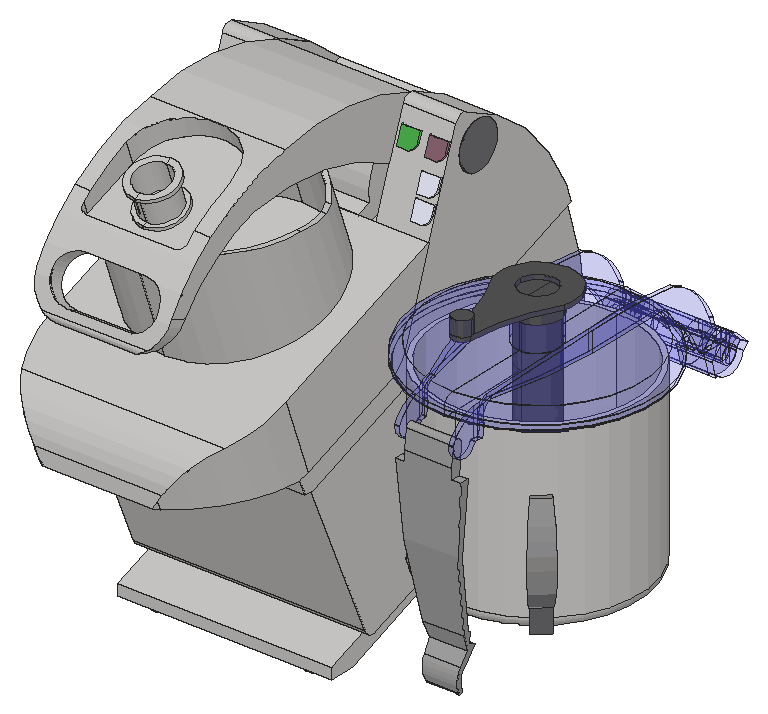
Revit family "QF_ELECTROLUXPROFESSIONAL_600483_TRK45YG", category Specialty Equipment, Revit 2018
Family settings
  Round Connector Dimension = Use Diameter
  Part Type = Normal
  Work Plane-Based = No
  Always vertical = Yes
  Cut with Voids When Loaded = No
  Shared = No
  Room Calculation Point = No
Parameters (values of type "QF_ELECTROLUX_600483_TRK45YG")
  Weight = 27.40 kg
  Watts = 0 W
  Volts = 200 V
  URL Manufacturer = "http://professional.electrolux.com"
  URL = "http://professional.electrolux.com"
  Steam Supply Size = 0 mm
  Steam Supply Minimum Pressure = 0.0 Pa
  Steam Supply Maximum Pressure = 0.0 Pa
  Steam Pounds per Hour = 0
  Refrigeration Suction Line Size = 0 mm
  Refrigeration Liquid Line Size = 0 mm
  Refrigerant Compressor Remote = yes
  Manufacturer = "Electrolux"
  Phase = 1
  Model = "TRK45YG"
  Length Actual = 252 mm  # constant formula
  Item Number = "600483"
  Hot Water Size = 0 mm
  Height Actual = 505 mm  # constant formula
  HP = "1.3 HP"
  Gas Size = 0 mm
  Gas KW = 0
  Gas Input Pressure = 0 W
  Direct Waste Size = 0 mm
  Description = "CUTTER/SLICER 4.5L VARIAB.SPEED-1000W-200-240/1/50-60-UK"
  Depth Actual = 485 mm  # constant formula
  Cycle = 60 Hz
  Condensate Return Size = 0 mm
  Compressed Air Volume = 0.0 L/s
  Compressed Air Size = 0 mm
  Compressed Air Pressure = 0.0 Pa
  Cold Water Size = 0 mm
  Accessory = yes
Reference planes
  plane 1 "Center (Front/Back)": y = 0
  plane 2: z = 0
  plane 3 "Center (Left/Right)": x = 0
  plane 4 "BASE": through (-1506.947, -1354.442, -482.669) normal (0, -0.342, 0.9397)
  plane 5 "TOP": z = 725
  plane 6 "FRONT": y = -250
  plane 7 "BACK": y = 250
  plane 8 "LEFT": x = -126
  plane 9 "RIGHT": x = 126
  plane 10 "BaseSup": through (4267.2, -355.454, 143.983) normal (0, -0.342, 0.9397)
  plane 11 "TopCylinder": z = 505
  plane 12 "panel": through (4267.2, 37.396, 376.789) normal (0, -0.9397, 0.342)
  plane 13 "TAN1": through (4267.2, -242.8, 386.84) normal (0, -0.868, 0.4965)
  plane 14 "cx": x = -4.392
  plane 15: z = 490
  plane 16: z = 685
  plane 17 "EI_1": z = 320
  plane 18: z = 224
  plane 19 "SupportOblique": through (4267.2, 163.975, 96.815) normal (0, 0.809, 0.5878)
  plane 20 "CX2": x = 350
Forms (mm)
  Extrusion 1, solid, material "QF_Finishes_Stainless Steel"
    sketch origin (0, 71.755, 29.173) x (0, 0.939693, 0.34202) y (0, -0.34202, 0.939693)
      loop
        line (196.964, 40) -> (-146.726, 40) -> (-150.519, 29.578) -> (-124.204, 20) -> (196.964, 20) -> (196.964, 40)
    from -114.1 to 114.1
  Extrusion 2, solid, material "QF_Finishes_Stainless Steel"
    sketch origin (0, 71.755, 29.173) x (0, 0.939693, 0.34202) y (0, -0.34202, 0.939693)
      loop
        arc (-117.754, 231.836) -> (-115.679, 141.222) -> (-107.501, 50.953) r 1344.145
        arc (-107.501, 50.953) -> (-103.371, 43.13) -> (-95.098, 40) r 12.5
        line (-95.098, 40) -> (191.415, 40)
        arc (191.415, 40) -> (200.799, 44.052) -> (207.001, 52.177) r 20.212
        arc (207.001, 52.177) -> (236.663, 139.796) -> (245.906, 231.836) r 409.593
        line (245.906, 231.836) -> (-117.754, 231.836)
    from -123.6 to 123.2
  Extrusion 3, solid, material "QF_Finishes_Stainless Steel"
    sketch origin (0, 71.755, 29.173) x (0, 0.939693, 0.34202) y (0, -0.34202, 0.939693)
      loop
        line (-117.754, 231.836) -> (250, 231.836) -> (250, 254)
        arc (250, 254) -> (225.127, 344.7) -> (167.861, 419.303) r 244.524
        arc (167.861, 419.303) -> (160.498, 421.774) -> (153.587, 418.23) r 10
        line (153.587, 418.23) -> (25.432, 265.5)
        arc (25.432, 265.5) -> (14.376, 257.016) -> (0.77, 254) r 32.194
        line (0.77, 254) -> (-128.224, 254) -> (-128.224, 236.946) -> (-117.754, 231.836)
    from -125 to 125
  Extrusion 4, void
    sketch origin (0, 71.755, 29.173) x (0, 0.939693, 0.34202) y (0, -0.34202, 0.939693)
      loop
        line (146.605, 338.403) -> (228.145, 338.403)
        arc (228.145, 338.403) -> (202.221, 381.996) -> (167.861, 419.303) r 244.524
        arc (167.861, 419.303) -> (160.498, 421.774) -> (153.587, 418.23) r 10
        line (153.587, 418.23) -> (72.34, 321.403) -> (146.605, 321.403) -> (146.605, 338.403)
    from -76.755 to 68.071
  Extrusion 5, solid, material "QF_Finishes_Stainless Steel"
    sketch origin (0, 71.755, 29.173) x (0, 0.939693, 0.34202) y (0, -0.34202, 0.939693)
      loop
        line (86.605, 338.403) -> (69.605, 321.403) -> (146.605, 321.403) -> (146.605, 338.403) -> (138.179, 338.403) -> (138.179, 369.367)
        arc (138.179, 369.367) -> (147.784, 373.474) -> (158.149, 372.174) r 19.987
        arc (158.149, 372.174) -> (156.791, 382.001) -> (162.888, 389.826) r 12.748
        arc (162.888, 389.826) -> (123.302, 374.774) -> (101.605, 338.403) r 64.447
        line (101.605, 338.403) -> (86.605, 338.403)
    from -65 to 50
  Extrusion 6, solid, material "QF_Finishes_Stainless Steel"
    sketch origin (539, 71.755, 29.173) x (0, -0.939693, -0.34202) y (0, -0.34202, 0.939693)
      loop
        circle (-169.102, 378.696) r 12.748
    from 489 to 604
  Extrusion 7, solid, material "QF_Finishes_Rubber Black"
    sketch origin (0, 71.755, 29.173) x (0, 0.939693, 0.34202) y (0, -0.34202, 0.939693)
      loop
        circle (169.102, 378.696) r 25
    from 125 to 126.6
  Extrusion 8, solid, material "QF_Finishes_Green"
    sketch origin (-10, -113.728, -38.42) x (0, -0.34202, -0.939693) y (1, 0, 0)
      loop
        line (-529.862, 82.865) -> (-509.862, 82.865) -> (-509.862, 92.865)
        arc (-509.862, 92.865) -> (-512.791, 99.936) -> (-519.862, 102.865) r 10
        line (-519.862, 102.865) -> (-529.862, 102.865) -> (-529.862, 82.865)
    from 0 to 1.6
  Extrusion 9, solid, material "QF_Finishes_Red"
    sketch origin (20, -113.728, -38.42) x (0, -0.34202, -0.939693) y (1, 0, 0)
      loop
        line (-529.862, 82.865) -> (-509.862, 82.865) -> (-509.862, 92.865)
        arc (-509.862, 92.865) -> (-512.791, 99.936) -> (-519.862, 102.865) r 10
        line (-519.862, 102.865) -> (-529.862, 102.865) -> (-529.862, 82.865)
    from 0 to 1.6
  Extrusion 10, solid, material "QF_Finishes_Rubber Black"
    sketch origin (-20, -293.925, 99.376) x (0, -1, 0) y (1, 0, 0)
      loop
        circle (-230.144, 103.748) r 10
      loop
        circle (-230.144, -61.252) r 10
    from 9.274 to 3.787
  Extrusion 11, void
    sketch origin (-20.94, 306.731, 139.428) x (-1, 0, 0) y (0, -0.34202, 0.939693)
      loop
        circle (-20.94, 196.093) r 10
    from -1.916 to -26.433
  Extrusion 12, solid, material "QF_Finishes_Stainless Steel"
    sketch origin (-20.94, 306.678, 139.573) x (-1, 0, 0) y (0, -0.34202, 0.939693)
      loop
        circle (-20.94, 195.939) r 9.999
    from -8.514 to -26.433
  Extrusion 13, solid, material "QF_Finishes_Stainless Steel"
    sketch origin (0, -15.119, 267.855) x (0, -0.939693, -0.34202) y (1, 0, 0)
      loop
        line (-86.605, -125) -> (117.754, -125)
        arc (117.754, -125) -> (182.577, -108.838) -> (232.224, -64.135) r 138.076
        arc (232.224, -64.135) -> (246.337, -33.516) -> (250, 0) r 104.824
        arc (250, 0) -> (246.337, 33.516) -> (232.224, 64.135) r 104.824
        arc (232.224, 64.135) -> (182.577, 108.838) -> (117.754, 125) r 138.076
        line (117.754, 125) -> (-86.605, 125) -> (-86.605, -125)
    from 0 to 84.403
  Extrusion 14, void
    sketch origin (0, 71.755, 29.173) x (0, 0.939693, 0.34202) y (0, -0.34202, 0.939693)
      loop
        line (-183.149, 338.403) -> (-263.395, 338.403) -> (-263.395, 254) -> (-128.224, 254) -> (-235.716, 293.124) -> (-229.509, 307.133)
        arc (-229.509, 307.133) -> (-211.109, 329.855) -> (-183.149, 338.403) r 50
      loop
        line (86.605, 338.403) -> (25.432, 265.5)
        arc (25.432, 265.5) -> (14.376, 257.016) -> (0.77, 254) r 32.194
        line (0.77, 254) -> (86.605, 254) -> (86.605, 338.403)
    from -156.555 to 144.79
  Extrusion 15, solid, material "QF_Finishes_Rubber Black"
    sketch origin (-20, -255.757, 37.007) x (0, -0.939693, -0.34202) y (1, 0, 0)
      loop
        circle (-230.144, 103.748) r 10
      loop
        circle (-230.144, -61.252) r 10
    from -1.968 to 3.787
  Extrusion 16, solid, material "QF_Finishes_Stainless Steel"
    sketch origin (0, 0, 0) x (0, 1, 0) y (0, 0, 1)
      loop
        arc (-237.987, 360.286) -> (-193.334, 422.101) -> (-125.907, 457.716) r 167.502
        arc (-125.907, 457.716) -> (-32.614, 457.202) -> (54.785, 424.565) r 266.494
        line (54.785, 424.565) -> (73.036, 474.711)
        arc (73.036, 474.711) -> (77.269, 479.853) -> (83.792, 481.198) r 10
        arc (83.792, 481.198) -> (1.801, 503.572) -> (-83.051, 498.734) r 263.981
        arc (-83.051, 498.734) -> (-135.605, 484.534) -> (-183.511, 458.675) r 236.13
        arc (-183.511, 458.675) -> (-222.818, 420.732) -> (-248.457, 372.49) r 174.407
        arc (-248.457, 372.49) -> (-249.83, 368.135) -> (-247.05, 364.513) r 4.945
        line (-247.05, 364.513) -> (-237.987, 360.286)
    from -76.755 to 68.071
  Extrusion 17, void
    sketch origin (0, -252.846, 369.279) x (0, -0.496521, -0.868025) y (1, 0, 0)
      loop
        line (-13.723, -36.755) -> (-13.723, 28.071)
        arc (-13.723, 28.071) -> (-38.723, 53.071) -> (-63.723, 28.071) r 25
        line (-63.723, 28.071) -> (-63.723, -36.755)
        arc (-63.723, -36.755) -> (-38.723, -61.755) -> (-13.723, -36.755) r 25
    from -148.493 to 7.125
  Extrusion 18, void
    sketch origin (0, -88.076, 32.057) x (0, -0.34202, -0.939693) y (1, 0, 0)
      loop
        line (-257.162, 68.071) -> (-297.162, 68.071)
        arc (-297.162, 68.071) -> (-268.878, 56.356) -> (-257.162, 28.071) r 40
        line (-257.162, 28.071) -> (-257.162, 68.071)
      loop
        line (-257.162, -76.755) -> (-257.162, -36.755)
        arc (-257.162, -36.755) -> (-268.878, -65.039) -> (-297.162, -76.755) r 40
        line (-297.162, -76.755) -> (-257.162, -76.755)
    from 233.374 to 280.473
  Extrusion 19, void
    sketch origin (0, -73.76, 246.511) x (0, -0.939693, -0.34202) y (1, 0, 0)
      loop
        spline (50.415, 43.499) -> (50.302, 44.538) -> (50.07, 45.551) -> (49.722, 46.523) -> (49.265, 47.436) -> (48.705, 48.278) -> (48.053, 49.034) -> (47.317, 49.692) -> (46.511, 50.241) -> (45.647, 50.674) -> (44.738, 50.981) -> (43.801, 51.16) -> (42.848, 51.221)
        line (42.848, 51.221) -> (-21.826, 51.221)
        arc (-21.826, 51.221) -> (-77.476, -4.429) -> (-21.826, -60.078) r 55.65
        line (-21.826, -60.078) -> (42.849, -60.064)
        spline (42.849, -60.064) -> (43.796, -60.017) -> (44.73, -59.836) -> (45.637, -59.525) -> (46.5, -59.088) -> (47.306, -58.532) -> (48.042, -57.867) -> (48.695, -57.103) -> (49.256, -56.253) -> (49.715, -55.331) -> (50.065, -54.351) -> (50.3, -53.329) -> (50.415, -52.283)
        line (50.415, -52.283) -> (50.415, 43.499)
    from 219.928 to 259.975
  Extrusion 20, void
    sketch origin (0, -87.856, 241.381) x (0, -0.939693, -0.34202) y (1, 0, 0)
      loop
        circle (-4.976, -4.429) r 22.5
    from 184.171 to 259.975
  Extrusion 21, solid, material "QF_Finishes_Stainless Steel"
    sketch origin (0, -57.13, 252.564) x (0, -0.939693, -0.34202) y (1, 0, 0)
      loop
        circle (-27.476, -4.429) r 100
      loop
        circle (-27.476, -4.429) r 95
    from 84.403 to 219.928
  Extrusion 22, void
    sketch origin (539, 0, 0) x (0, -1, 0) y (0, 0, 1)
      loop
        line (-7.229, 448.453) -> (38.883, 431.669) -> (53.883, 431.669) -> (97.232, 435.738) -> (172.232, 435.738) -> (200.5, 434.424) -> (12.562, 502.828) -> (-7.229, 448.453)
    from 424.9 to 664
  Revolve 23, solid, material "QF_Finishes_Stainless Steel"
    sketch origin (-4.392, 0, 0) x (0, 1, 0) y (0, 0, 1)
      loop
        line (-159.523, 452.833) -> (-177.266, 446.376) -> (-188.766, 477.973) -> (-195.199, 475.631) -> (-193.959, 472.225) -> (-189.261, 473.935) -> (-179, 445.744) -> (-183.698, 444.034) -> (-182.575, 440.948) -> (-179.543, 442.052) -> (-133.191, 314.7) -> (-112.048, 322.396) -> (-159.523, 452.833)
      axis (-112.048, 322.396) -> (-171.023, 484.431)
    angle from 0 to 360
  Extrusion 24, solid, material "QF_Door-Drawer Clearances", detail levels coarse
    sketch origin (0, -262.072, 735.095) x (0, -0.581279, -0.813704) y (0, 0.813704, -0.581279)
      loop
        arc (-237.987, 360.286) -> (-193.334, 422.101) -> (-125.907, 457.716) r 167.502
        arc (-125.907, 457.716) -> (-61.925, 460.915) -> (0.971, 448.753) r 266.494
        arc (0.971, 448.753) -> (-2.208, 475.472) -> (-2.432, 502.379) r 244.524
        arc (-2.432, 502.379) -> (-31.549, 503.211) -> (-60.594, 500.999) r 278.64
        arc (-60.594, 500.999) -> (-125.023, 488.463) -> (-183.511, 458.675) r 236.13
        arc (-183.511, 458.675) -> (-222.818, 420.732) -> (-248.457, 372.49) r 174.407
        arc (-248.457, 372.49) -> (-249.83, 368.135) -> (-247.05, 364.513) r 4.945
        line (-247.05, 364.513) -> (-237.987, 360.286)
    from -76.755 to 68.071
  Extrusion 25, solid, material "QF_Door-Drawer Clearances", detail levels coarse
    sketch origin (-4.392, 0, -55) x (0, 1, 0) y (0, 0, 1)
      loop
        arc (180.062, 780.324) -> (-149.234, 694.151) -> (-249.905, 368.994) r 350.321
        line (-249.905, 368.994) -> (-246.546, 377.767)
        arc (-246.546, 377.767) -> (-144.345, 691.9) -> (174.993, 776.44) r 345.321
        line (174.993, 776.44) -> (180.062, 780.324)
    from -60 to 60
  Extrusion 26, solid, material "QF_Finishes_Rubber Black"
    sketch origin (-20, -20.834, 122.512) x (0, -0.939693, -0.34202) y (1, 0, 0)
      loop
        circle (-230.144, 103.748) r 10
      loop
        circle (-230.144, -61.252) r 10
    from -1.968 to 3.787
  Extrusion 27, void
    sketch origin (-4.392, 0, 0) x (0, 1, 0) y (0, 0, 1)
      loop
        circle (163.975, 96.815) r 5.399
    from -121.608 to 130.392
  Sweep 28, solid, material "QF_Finishes_Stainless Steel"
    path origin (0, 153.361, 111.423) x (0, -0.587785, 0.809017) y (1, 0, 0)
      loop
        line (-133.401, 56) -> (-133.401, 112.5)
        arc (-133.401, 112.5) -> (-130.472, 119.571) -> (-123.401, 122.5) r 10
        line (-123.401, 122.5) -> (-28.058, 122.5)
        arc (-28.058, 122.5) -> (-20.987, 119.571) -> (-18.058, 112.5) r 10
        line (-18.058, 112.5) -> (-18.058, -112.5)
        arc (-18.058, -112.5) -> (-20.987, -119.571) -> (-28.058, -122.5) r 10
        line (-28.058, -122.5) -> (-123.401, -122.5)
        arc (-123.401, -122.5) -> (-130.472, -119.571) -> (-133.401, -112.5) r 10
        line (-133.401, -112.5) -> (-133.401, -56)
    profile origin (84.25, 231.772, 3.5) x (0, 0.587785, -0.809017) y (0, 0.809017, 0.587785)
      loop
        circle (0, 0) r 3.5
  Extrusion 29, void
    sketch origin (-4.392, 0, 0) x (0, 1, 0) y (0, 0, 1)
      loop
        line (50.281, 42.641) -> (71.708, 50.44) -> (64.376, 57.771) -> (50.281, 52.641) -> (50.281, 42.641)
    from -119.208 to -51.608
  Extrusion 30, void
    sketch origin (4.392, 0, 0) x (0, 1, 0) y (0, 0, -1)
      loop
        line (50.281, -42.641) -> (50.281, -52.641) -> (64.376, -57.771) -> (71.708, -50.44) -> (50.281, -42.641)
    from -119.208 to -51.608
  Extrusion 31, solid, material "QF_Door-Drawer Clearances", detail levels coarse
    sketch origin (350, -160.4, -17.118) x (0, -0.34202, -0.939693) y (0, -0.939693, 0.34202)
      loop
        line (-206.754, 118.191) -> (-331.133, -223.538)
        arc (-331.133, -223.538) -> (-241.482, -246.331) -> (-149.003, -248.426) r 409.593
        arc (-149.003, -248.426) -> (-139.246, -245.378) -> (-132.229, -237.945) r 20.212
        line (-132.229, -237.945) -> (-34.236, 31.289)
        arc (-34.236, 31.289) -> (-34.347, 40.134) -> (-40.286, 46.691) r 12.5
        arc (-40.286, 46.691) -> (-122.314, 85.249) -> (-206.754, 118.191) r 1344.145
    from -123.6 to 123.2
  Extrusion 32, solid, material "QF_Door-Drawer Clearances", detail levels coarse
    sketch origin (350, -160.4, -17.118) x (0, -0.34202, -0.939693) y (0, -0.939693, 0.34202)
      loop
        line (-134.127, -243.16) -> (-115.333, -250) -> (-5.487, 51.799) -> (-5.487, 79.803) -> (-16.578, 79.803) -> (-134.127, -243.16)
    from -114.1 to 114.1
  Extrusion 33, solid, material "QF_Door-Drawer Clearances", detail levels coarse
    sketch origin (330, -388.076, 105.131) x (0, -1, 0) y (1, 0, 0)
      loop
        circle (-230.144, 103.748) r 10
      loop
        circle (-230.144, -61.252) r 10
    from -1.968 to 3.787
  Extrusion 34, solid, material "QF_Door-Drawer Clearances", detail levels coarse
    sketch origin (330, -138.076, 105.131) x (0, -1, 0) y (1, 0, 0)
      loop
        circle (-230.144, 103.748) r 10
      loop
        circle (-230.144, -61.252) r 10
    from -1.968 to 3.787
  Extrusion 35, solid, material "QF_Door-Drawer Clearances", detail levels coarse
    sketch origin (0, 250, 0) x (-1, 0, 0) y (0, 0, 1)
      loop
        circle (-350, 200) r 10
    from -89.12 to -78.665
  Extrusion 36, solid, material "QF_Finishes_White"
    sketch origin (20, -124.661, -68.457) x (0, -0.34202, -0.939693) y (1, 0, 0)
      loop
        line (-529.862, 82.865) -> (-509.862, 82.865) -> (-509.862, 92.865)
        arc (-509.862, 92.865) -> (-512.791, 99.936) -> (-519.862, 102.865) r 10
        line (-519.862, 102.865) -> (-529.862, 102.865) -> (-529.862, 82.865)
    from 0 to 1.6
  Extrusion 37, solid, material "QF_Finishes_White"
    sketch origin (20, -132.869, -91.01) x (0, -0.34202, -0.939693) y (1, 0, 0)
      loop
        line (-529.862, 82.865) -> (-509.862, 82.865) -> (-509.862, 92.865)
        arc (-509.862, 92.865) -> (-512.791, 99.936) -> (-519.862, 102.865) r 10
        line (-519.862, 102.865) -> (-529.862, 102.865) -> (-529.862, 82.865)
    from 0 to 1.6
Cuts and joins
  Extrusion 4, Extrusion 18, Extrusion 19, Extrusion 20 cuts Extrusion 3
  Extrusion 14, Extrusion 18, Extrusion 19, Extrusion 20 cuts Extrusion 13
  Extrusion 17, Extrusion 18, Extrusion 19, Extrusion 20 cuts Extrusion 16
  Extrusion 11, Extrusion 19, Extrusion 20 cuts Extrusion 2
  Extrusion 22 cuts Extrusion 21
  Extrusion 27, Extrusion 29, Extrusion 30 cuts Extrusion 1
Lines and regions (mm)
  Split face 1
    outline origin (125, 73.036, 474.711) x (-1, 0, 0) y (0, -0.34202, -0.939693)
      loop
        arc (0, 8) -> (1.464, 4.464) -> (5, 3) r 5
        line (5, 3) -> (51.929, 3)
        arc (51.929, 3) -> (55.464, 4.464) -> (56.929, 8) r 5
        line (56.929, 8) -> (56.929, 96.206)
        arc (56.929, 96.206) -> (55.464, 99.742) -> (51.929, 101.206) r 5
        line (51.929, 101.206) -> (5, 101.206)
        arc (5, 101.206) -> (1.464, 99.742) -> (0, 96.206) r 5
        line (0, 96.206) -> (0, 8)
  symbolic lines
    curve 1: line (-76.755, 170.4, 0) -> (-76.755, -235.217, 0)
    curve 2: line (68.071, -235.135, 0) -> (68.071, 170.4, 0)
    curve 3: line (-76.755, 83.792, 0) -> (68.071, 83.792, 0)
    curve 4: line (-76.755, 170.4, 0) -> (68.071, 170.4, 0)
    curve 5: line (68.071, -83.051, 0) -> (-76.755, -83.051, 0)
    curve 6: line (-60.078, -136.967, 0) -> (51.221, -136.967, 0)
    curve 7: line (-60.078, -128.47, 0) -> (-60.078, -194.06, 0)
    curve 8: line (51.221, -193.76, 0) -> (51.221, -128.47, 0)
    curve 9: spline (-52.282, -199.891, 0) -> (-53.276, -199.815, 0) -> (-54.25, -199.647, 0) -> (-55.19, -199.39, 0) -> (-56.081, -199.046, 0) -> (-56.909, -198.622, 0) -> (-57.663, -198.124, 0) -> (-58.331, -197.559, 0) -> (-58.902, -196.936, 0) -> (-59.369, -196.264, 0) -> (-59.724, -195.553, 0) -> (-59.961, -194.815, 0) -> (-60.078, -194.06, 0)
    curve 10: line (43.499, -199.901, 0) -> (-52.283, -199.901, 0)
    curve 11: spline (51.218, -193.76, 0) -> (51.156, -194.554, 0) -> (50.964, -195.333, 0) -> (50.645, -196.085, 0) -> (50.204, -196.798, 0) -> (49.648, -197.459, 0) -> (48.986, -198.058, 0) -> (48.229, -198.586, 0) -> (47.39, -199.033, 0) -> (46.483, -199.392, 0) -> (45.521, -199.658, 0) -> (44.521, -199.826, 0) -> (43.499, -199.893, 0)
    curve 12: spline (-4.392, -146.848, 0) -> (-11.05, -147.672, 0) -> (-17.255, -150.087, 0) -> (-22.583, -153.929, 0) -> (-26.672, -158.936, 0) -> (-29.242, -164.766, 0) -> (-30.119, -171.023, 0) -> (-29.242, -177.28, 0) -> (-26.672, -183.111, 0) -> (-22.583, -188.118, 0) -> (-17.255, -191.96, 0) -> (-11.05, -194.375, 0) -> (-4.392, -195.199, 0)
    curve 13: spline (-4.392, -195.199, 0) -> (2.267, -194.375, 0) -> (8.472, -191.96, 0) -> (13.8, -188.118, 0) -> (17.888, -183.111, 0) -> (20.459, -177.28, 0) -> (21.335, -171.023, 0) -> (20.459, -164.766, 0) -> (17.888, -158.936, 0) -> (13.8, -153.929, 0) -> (8.472, -150.087, 0) -> (2.267, -147.672, 0) -> (-4.392, -146.848, 0)
    curve 14: spline (-4.392, -188.766, 0) -> (-9.279, -188.162, 0) -> (-13.832, -186.389, 0) -> (-17.743, -183.569, 0) -> (-20.744, -179.895, 0) -> (-22.63, -175.616, 0) -> (-23.273, -171.023, 0) -> (-22.63, -166.431, 0) -> (-20.744, -162.152, 0) -> (-17.743, -158.477, 0) -> (-13.832, -155.658, 0) -> (-9.279, -153.885, 0) -> (-4.392, -153.281, 0)
    curve 15: spline (-4.392, -153.281, 0) -> (0.495, -153.885, 0) -> (5.049, -155.658, 0) -> (8.96, -158.477, 0) -> (11.96, -162.152, 0) -> (13.846, -166.431, 0) -> (14.49, -171.023, 0) -> (13.846, -175.616, 0) -> (11.96, -179.895, 0) -> (8.96, -183.569, 0) -> (5.049, -186.389, 0) -> (0.495, -188.162, 0) -> (-4.392, -188.766, 0)
    curve 16: spline (-22.254, -165.273, 0) -> (-20.617, -168.597, 0) -> (-18.289, -171.534, 0) -> (-15.368, -173.96, 0) -> (-11.98, -175.77, 0) -> (-8.268, -176.888, 0) -> (-4.392, -177.266, 0) -> (-0.515, -176.888, 0) -> (3.197, -175.77, 0) -> (6.585, -173.96, 0) -> (9.505, -171.534, 0) -> (11.834, -168.597, 0) -> (13.471, -165.273, 0)
    curve 17: spline (21.106, -162.743, 0) -> (21.02, -155.749, 0) -> (18.807, -149.071, 0) -> (14.651, -143.268, 0) -> (8.902, -138.825, 0) -> (2.04, -136.115, 0) -> (-5.361, -135.365, 0) -> (-12.68, -136.637, 0) -> (-19.306, -139.824, 0) -> (-24.683, -144.661, 0) -> (-28.361, -150.742, 0) -> (-30.034, -157.558, 0) -> (-29.559, -164.538, 0)
    curve 18: spline (15.591, -154.349, 0) -> (13.851, -150.277, 0) -> (11.185, -146.674, 0) -> (7.729, -143.723, 0) -> (3.657, -141.574, 0) -> (-0.824, -140.337, 0) -> (-5.485, -140.073, 0) -> (-10.091, -140.797, 0) -> (-14.408, -142.471, 0) -> (-18.216, -145.011, 0) -> (-21.322, -148.287, 0) -> (-23.569, -152.134, 0) -> (-24.843, -156.356, 0)
    curve 19: line (-36.755, -245.358, 0) -> (-36.755, -220.255, 0)
    curve 20: line (28.071, -220.255, 0) -> (28.071, -245.358, 0)
    curve 21: line (-36.755, -220.255, 0) -> (28.071, -220.255, 0)
    curve 22: line (-36.755, -231.961, 0) -> (28.071, -231.961, 0)
    curve 23: line (28.071, -245.358, 0) -> (-36.755, -245.358, 0)
    curve 24: arc (-36.755, -231.961, 0) -> (-47.346, -230.66, 0) -> (-57.309, -226.836, 0) r 43.78
    curve 25: arc (28.071, -231.961, 0) -> (38.611, -230.648, 0) -> (48.525, -226.836, 0) r 43.78
    curve 26: line (108.532, -216.09, 0) -> (68.016, -248.959, 0)
    curve 27: spline (108.532, -216.09, 0) -> (111.117, -211.341, 0) -> (113.492, -206.496, 0) -> (115.654, -201.564, 0) -> (117.598, -196.552, 0) -> (119.32, -191.469, 0) -> (120.82, -186.324, 0) -> (122.092, -181.125, 0) -> (123.137, -175.882, 0) -> (123.951, -170.603, 0) -> (124.533, -165.296, 0) -> (124.883, -159.972, 0) -> (125, -154.639, 0)
    curve 28: line (125, -154.639, 0) -> (125, 227.385, 0)
    curve 29: spline (63.971, -249.433, 0) -> (63.542, -249.481, 0) -> (63.11, -249.529, 0) -> (62.674, -249.577, 0) -> (62.235, -249.624, 0) -> (61.792, -249.672, 0) -> (61.346, -249.719, 0) -> (60.896, -249.766, 0) -> (60.442, -249.813, 0) -> (59.985, -249.86, 0) -> (59.525, -249.907, 0) -> (59.06, -249.954, 0) -> (58.593, -250, 0)
    curve 30: spline (68.016, -248.959, 0) -> (67.688, -248.999, 0) -> (67.358, -249.038, 0) -> (67.026, -249.078, 0) -> (66.693, -249.118, 0) -> (66.359, -249.157, 0) -> (66.022, -249.197, 0) -> (65.684, -249.236, 0) -> (65.345, -249.276, 0) -> (65.004, -249.315, 0) -> (64.661, -249.354, 0) -> (64.317, -249.394, 0) -> (63.971, -249.433, 0)
    curve 31: line (-68.016, -248.959, 0) -> (68.016, -248.959, 0)
    curve 32: line (-68.016, -248.959, 0) -> (-108.532, -216.09, 0)
    curve 33: spline (-63.971, -249.433, 0) -> (-64.317, -249.394, 0) -> (-64.661, -249.354, 0) -> (-65.004, -249.315, 0) -> (-65.345, -249.276, 0) -> (-65.684, -249.236, 0) -> (-66.022, -249.197, 0) -> (-66.359, -249.157, 0) -> (-66.693, -249.118, 0) -> (-67.026, -249.078, 0) -> (-67.358, -249.038, 0) -> (-67.688, -248.999, 0) -> (-68.016, -248.959, 0)
    curve 34: spline (-58.593, -250, 0) -> (-59.06, -249.954, 0) -> (-59.525, -249.907, 0) -> (-59.985, -249.86, 0) -> (-60.442, -249.813, 0) -> (-60.896, -249.766, 0) -> (-61.346, -249.719, 0) -> (-61.792, -249.672, 0) -> (-62.235, -249.624, 0) -> (-62.674, -249.577, 0) -> (-63.11, -249.529, 0) -> (-63.542, -249.481, 0) -> (-63.971, -249.433, 0)
    curve 35: line (-76.755, -235.217, 0) -> (-60.604, -248.457, 0)
    curve 36: spline (-125, -154.639, 0) -> (-124.883, -159.972, 0) -> (-124.533, -165.296, 0) -> (-123.951, -170.603, 0) -> (-123.137, -175.882, 0) -> (-122.092, -181.125, 0) -> (-120.82, -186.324, 0) -> (-119.32, -191.469, 0) -> (-117.598, -196.552, 0) -> (-115.654, -201.564, 0) -> (-113.492, -206.496, 0) -> (-111.117, -211.341, 0) -> (-108.532, -216.09, 0)
    curve 37: line (-125, 227.385, 0) -> (-125, -154.639, 0)
    curve 38: arc (-76.755, -160.023, 0) -> (-93.256, -130.498, 0) -> (-99.37, -97.232, 0) r 103.622
    curve 39: arc (-76.755, -168.026, 0) -> (-96.901, -135.101, 0) -> (-104.377, -97.232, 0) r 109.55
    curve 40: spline (-99.395, -97.232, 0) -> (-99.428, -93.546, 0) -> (-99.341, -89.86, 0) -> (-99.135, -86.178, 0) -> (-98.81, -82.506, 0) -> (-98.367, -78.845, 0) -> (-97.806, -75.201, 0) -> (-97.127, -71.576, 0) -> (-96.331, -67.976, 0) -> (-95.419, -64.402, 0) -> (-94.392, -60.86, 0) -> (-93.251, -57.352, 0) -> (-91.998, -53.883, 0)
    curve 41: arc (-91.998, -53.883, 0) -> (-88.614, -46.234, 0) -> (-84.624, -38.883, 0) r 103.541
    curve 42: spline (-84.624, -38.883, 0) -> (-84.026, -38.009, 0) -> (-83.417, -37.142, 0) -> (-82.798, -36.282, 0) -> (-82.167, -35.428, 0) -> (-81.527, -34.582, 0) -> (-80.876, -33.742, 0) -> (-80.214, -32.91, 0) -> (-79.543, -32.085, 0) -> (-78.861, -31.267, 0) -> (-78.169, -30.457, 0) -> (-77.467, -29.655, 0) -> (-76.755, -28.86, 0)
    curve 43: spline (-90.488, -38.883, 0) -> (-89.506, -37.356, 0) -> (-88.492, -35.846, 0) -> (-87.448, -34.355, 0) -> (-86.375, -32.883, 0) -> (-85.271, -31.43, 0) -> (-84.139, -29.997, 0) -> (-82.978, -28.585, 0) -> (-81.788, -27.193, 0) -> (-80.571, -25.823, 0) -> (-79.326, -24.476, 0) -> (-78.054, -23.15, 0) -> (-76.755, -21.847, 0)
    curve 44: arc (-97.398, -53.883, 0) -> (-94.227, -46.252, 0) -> (-90.488, -38.883, 0) r 109.406
    curve 45: spline (-104.397, -97.232, 0) -> (-104.428, -93.553, 0) -> (-104.346, -89.875, 0) -> (-104.151, -86.201, 0) -> (-103.844, -82.535, 0) -> (-103.425, -78.879, 0) -> (-102.894, -75.238, 0) -> (-102.252, -71.615, 0) -> (-101.499, -68.013, 0) -> (-100.637, -64.435, 0) -> (-99.665, -60.886, 0) -> (-98.585, -57.367, 0) -> (-97.398, -53.883, 0)
    curve 46: spline (-104.429, -60.179, 0) -> (-104.227, -54.213, 0) -> (-103.623, -48.272, 0) -> (-102.618, -42.379, 0) -> (-101.218, -36.558, 0) -> (-99.427, -30.832, 0) -> (-97.253, -25.224, 0) -> (-94.704, -19.758, 0) -> (-91.791, -14.454, 0) -> (-88.526, -9.335, 0) -> (-84.922, -4.421, 0) -> (-80.993, 0.268, 0) -> (-76.755, 4.714, 0)
    curve 47: line (-104.429, -60.179, 0) -> (-104.429, -91.125, 0)
    curve 48: line (-125, 37.396, 0) -> (-76.755, 37.396, 0)
    curve 49: line (-125, 227.385, 0) -> (125, 227.385, 0)
    curve 50: line (-125, 219.805, 0) -> (125, 219.805, 0)
    curve 51: line (-65, 113.885, 0) -> (50, 113.885, 0)
    curve 52: line (50, 113.885, 0) -> (50, 83.792, 0)
    curve 53: line (-65, 113.885, 0) -> (-65, 83.792, 0)
    curve 54: line (-65, 91.491, 0) -> (50, 91.491, 0)
    curve 55: line (50, 93.777, 0) -> (68.071, 93.777, 0)
    curve 56: line (-65, 93.777, 0) -> (-76.755, 93.777, 0)
    curve 57: line (72.865, 68.37, 0) -> (92.865, 68.37, 0)
    curve 58: line (72.865, 60.026, 0) -> (72.865, 68.37, 0)
    curve 59: line (82.865, 60.026, 0) -> (72.865, 60.026, 0)
    curve 60: line (92.865, 68.37, 0) -> (92.865, 63.446, 0)
    curve 61: line (-123.6, 250, 0) -> (123.2, 250, 0)
    curve 62: line (123.2, 227.385, 0) -> (123.2, 250, 0)
    curve 63: line (-123.6, 227.385, 0) -> (-123.6, 250, 0)
    curve 64: line (68.071, 37.396, 0) -> (125, 37.396, 0)
    curve 65: line (68.071, -235.135, 0) -> (51.82, -248.457, 0)
    curve 66: arc (68.071, -159.898, 0) -> (84.5, -130.423, 0) -> (90.587, -97.232, 0) r 103.622
    curve 67: arc (68.071, -167.913, 0) -> (88.145, -135.031, 0) -> (95.593, -97.232, 0) r 109.55
    curve 68: spline (90.612, -97.232, 0) -> (90.644, -93.546, 0) -> (90.558, -89.86, 0) -> (90.352, -86.178, 0) -> (90.027, -82.506, 0) -> (89.584, -78.845, 0) -> (89.022, -75.201, 0) -> (88.343, -71.576, 0) -> (87.547, -67.976, 0) -> (86.636, -64.402, 0) -> (85.609, -60.86, 0) -> (84.468, -57.352, 0) -> (83.214, -53.883, 0)
    curve 69: arc (83.214, -53.883, 0) -> (79.831, -46.234, 0) -> (75.841, -38.883, 0) r 103.541
    curve 70: spline (75.841, -38.883, 0) -> (75.25, -38.019, 0) -> (74.648, -37.162, 0) -> (74.036, -36.312, 0) -> (73.414, -35.468, 0) -> (72.781, -34.631, 0) -> (72.138, -33.801, 0) -> (71.485, -32.977, 0) -> (70.822, -32.161, 0) -> (70.149, -31.353, 0) -> (69.466, -30.551, 0) -> (68.774, -29.757, 0) -> (68.071, -28.97, 0)
    curve 71: spline (81.705, -38.883, 0) -> (80.729, -37.365, 0) -> (79.722, -35.865, 0) -> (78.685, -34.383, 0) -> (77.619, -32.92, 0) -> (76.523, -31.476, 0) -> (75.399, -30.051, 0) -> (74.246, -28.647, 0) -> (73.066, -27.263, 0) -> (71.857, -25.901, 0) -> (70.622, -24.56, 0) -> (69.36, -23.242, 0) -> (68.071, -21.946, 0)
    curve 72: arc (88.615, -53.883, 0) -> (85.443, -46.252, 0) -> (81.705, -38.883, 0) r 109.406
    curve 73: spline (95.614, -97.232, 0) -> (95.644, -93.553, 0) -> (95.562, -89.875, 0) -> (95.368, -86.201, 0) -> (95.061, -82.535, 0) -> (94.641, -78.879, 0) -> (94.111, -75.238, 0) -> (93.469, -71.615, 0) -> (92.716, -68.013, 0) -> (91.853, -64.435, 0) -> (90.882, -60.886, 0) -> (89.802, -57.367, 0) -> (88.615, -53.883, 0)
    curve 74: spline (95.645, -60.179, 0) -> (95.444, -54.225, 0) -> (94.842, -48.295, 0) -> (93.842, -42.413, 0) -> (92.446, -36.602, 0) -> (90.662, -30.886, 0) -> (88.496, -25.287, 0) -> (85.957, -19.829, 0) -> (83.055, -14.533, 0) -> (79.802, -9.421, 0) -> (76.21, -4.512, 0) -> (72.295, 0.173, 0) -> (68.071, 4.615, 0)
    curve 75: line (95.645, -60.179, 0) -> (95.645, -91.125, 0)
    curve 76: arc (82.865, 60.026, 0) -> (86.108, 60.224, 0) -> (89.302, 60.816, 0) r 26.611
    curve 77: arc (89.302, 60.816, 0) -> (91.344, 61.778, 0) -> (92.865, 63.446, 0) r 5.801
    curve 78: line (102.865, 68.37, 0) -> (122.865, 68.37, 0)
    curve 79: line (102.865, 60.026, 0) -> (102.865, 68.37, 0)
    curve 80: line (112.865, 60.026, 0) -> (102.865, 60.026, 0)
    curve 81: line (122.865, 68.37, 0) -> (122.865, 63.446, 0)
    curve 82: arc (112.865, 60.026, 0) -> (116.108, 60.224, 0) -> (119.302, 60.816, 0) r 26.611
    curve 83: arc (119.302, 60.816, 0) -> (121.344, 61.778, 0) -> (122.865, 63.446, 0) r 5.801
    curve 84: line (102.865, 57.437, 0) -> (122.865, 57.437, 0)
    curve 85: line (102.865, 49.093, 0) -> (102.865, 57.437, 0)
    curve 86: line (112.865, 49.093, 0) -> (102.865, 49.093, 0)
    curve 87: line (122.865, 57.437, 0) -> (122.865, 52.513, 0)
    curve 88: arc (112.865, 49.093, 0) -> (116.108, 49.291, 0) -> (119.302, 49.884, 0) r 26.611
    curve 89: arc (119.302, 49.884, 0) -> (121.344, 50.845, 0) -> (122.865, 52.513, 0) r 5.801
    curve 90: line (102.865, 47.725, 0) -> (122.865, 47.725, 0)
    curve 91: line (102.865, 39.381, 0) -> (102.865, 47.725, 0)
    curve 92: line (112.865, 39.381, 0) -> (102.865, 39.381, 0)
    curve 93: line (122.865, 47.725, 0) -> (122.865, 42.801, 0)
    curve 94: arc (112.865, 39.381, 0) -> (116.108, 39.579, 0) -> (119.302, 40.172, 0) r 26.611
    curve 95: arc (119.302, 40.172, 0) -> (121.344, 41.133, 0) -> (122.865, 42.801, 0) r 5.801
Dimensions and locks
  plane 5 "TOP" to level = 725 mm  (x2)
  plane 8 "LEFT" to plane 3 "Center (Left/Right)" to plane 9 "RIGHT" = 126 mm, 126 mm
  plane 7 "BACK" to plane 1 "Center (Front/Back)" to plane 6 "FRONT" = 250 mm, 250 mm
  plane 5 "TOP" to plane 2 = 725 mm
  plane 5 "TOP" to plane 11 "TopCylinder" = 220 mm
  plane 6 "FRONT" to plane 7 "BACK" = 500 mm
  plane 7 "BACK" to plane 6 "FRONT" = 500 mm
  plane 11 "TopCylinder" to level = 505 mm  (x2)
  plane 15 to level = 490 mm  (x2)
  plane 16 to level = 685 mm
  plane 17 "EI_1" to level = 320 mm
  plane 18 to level = 224 mm
  plane 16 to plane 2 = 685 mm
  plane 9 "RIGHT" to plane 8 "LEFT" = 252 mm
  aligned and locked: level to plane 2
Nested families
  nested 1: "QF_600483_BOWL" at (360, -39.665, -20.592), type "QF_600483_BOWL"
Connectors
  electrical at (0, 231.662, 320.783), driven by "Volts"
    settings: on Extrusion 12, index 1, voltage 200 V, apparent load 0 VA, apparent load phase1 0 VA, apparent load phase2 0 VA, apparent load phase3 0 VA, power factor 1, load classification "Other", number of poles 1, system type 30, power factor state 1, is connector primary yes, connector utility no, sub classification motor no, connector description "Electrical Connection"
Definition of nested family "QF_600483_BOWL"
  Reference planes
    plane 1 "Center (Front/Back)": y = 0
    plane 2: z = 0
    plane 3 "Center (Left/Right)": x = 0
    plane 4 "TOP": z = 705.4
    plane 5 "FRONT": y = -211
    plane 6 "BACK": y = 211
    plane 7 "LEFT": x = -128
    plane 8 "RIGHT": x = 128
    plane 9 "CenterX": x = -10
    plane 10 "Maniglia": through (-10, -59.177, 4000) normal (0.766, 0.6428, 0)
    plane 11 "Panel": through (4267.2, 107.252, 388.448) normal (0, 0.766, -0.6428)
    plane 12: z = 510
  Forms (mm)
    Revolve 1, solid
      sketch origin (-10, 0, 0) x (0, -1, 0) y (0, 0, 1)
        loop
          line (59.177, 490.527) -> (28.516, 490.527) -> (35.424, 483.619) -> (35.424, 470.527) -> (38.194, 470.527) -> (38.194, 356.104) -> (59.177, 356.104) -> (59.177, 490.527)
        axis (59.177, 356.104) -> (59.177, 490.527)
      angle from 0 to 360
    Extrusion 2, solid
      sketch origin (0, 0, 0) x (1, 0, 0) y (0, 1, 0)
        loop
          arc (-48.167, -71.147) -> (-28.951, -114.517) -> (-19.956, -161.093) r 210.055
          arc (-19.956, -161.093) -> (-10, -170.155) -> (-0.044, -161.093) r 10
          arc (-0.044, -161.093) -> (8.951, -114.517) -> (28.167, -71.147) r 210.055
          arc (28.167, -71.147) -> (-10, -19.177) -> (-48.167, -71.147) r 40
      from 490.527 to 495.013
    Extrusion 3, solid
      sketch origin (0, 0, 0) x (1, 0, 0) y (0, 1, 0)
        loop
          circle (-10, -160.155) r 10
      from 495.013 to 510.592
    Extrusion 4, void
      sketch origin (0, 0, 0) x (1, 0, 0) y (0, 1, 0)
        loop
          circle (-10, -59.177) r 19
      from 467.615 to 512.796
    Extrusion 5, void
      sketch origin (-20, 0, 0) x (-1, 0, 0) y (0, -1, 0)
        loop
          line (16.15, 177.864) -> (16.15, -123.86) -> (35.771, -123.86) -> (35.771, 48.192)
          arc (35.771, 48.192) -> (30.047, 105.502) -> (17.781, 161.776) r 500.876
          line (17.781, 161.776) -> (17.781, 171.776) -> (16.15, 177.864)
        loop
          line (40.771, -123.86) -> (45.852, -123.86) -> (45.852, 210.681) -> (21.15, 210.681) -> (21.15, 178.522) -> (22.781, 172.434) -> (22.781, 162.459)
          arc (22.781, 162.459) -> (35.047, 105.893) -> (40.771, 48.297) r 505.876
          line (40.771, 48.297) -> (40.771, -123.86)
      from 381.652 to 477.521
    Extrusion 6, solid
      sketch origin (-20, 0, 0) x (0, 1, 0) y (0, 0, -1)
        loop
          line (-173.064, -409.647) -> (-181.147, -409.647)
          arc (-181.147, -409.647) -> (-199.354, -399.982) -> (-210.844, -417.096) r 15.391
          arc (-210.844, -417.096) -> (-202.04, -429.372) -> (-189.058, -437.099) r 36.946
          arc (-189.058, -437.099) -> (-65.868, -463.241) -> (59.99, -458.888) r 518.061
          arc (59.99, -458.888) -> (92.246, -438.11) -> (113.023, -405.855) r 90.696
          arc (113.023, -405.855) -> (114.903, -399.662) -> (115.972, -393.28) r 50.278
          arc (115.972, -393.28) -> (121.968, -392.806) -> (127.203, -389.844) r 13.902
          arc (127.203, -389.844) -> (135.322, -382.188) -> (143.082, -374.167) r 242.898
          line (143.082, -374.167) -> (137.378, -368.464)
          arc (137.378, -368.464) -> (123.613, -353.84) -> (104.088, -358.543) r 20
          line (104.088, -358.543) -> (99.34, -358.543)
          arc (99.34, -358.543) -> (88.098, -393.587) -> (65.823, -422.884) r 108.872
          line (65.823, -422.884) -> (50.823, -422.884)
          arc (50.823, -422.884) -> (52.796, -423.701) -> (53.614, -425.674) r 2.79
          line (53.614, -425.674) -> (53.614, -430.892)
          arc (53.614, -430.892) -> (50.154, -439.244) -> (41.802, -442.703) r 11.812
          line (41.802, -442.703) -> (-160.307, -442.703)
          arc (-160.307, -442.703) -> (-168.659, -439.244) -> (-172.119, -430.892) r 11.812
          line (-172.119, -430.892) -> (-172.119, -425.826)
          arc (-172.119, -425.826) -> (-171.728, -424.361) -> (-170.659, -423.285) r 2.942
          line (-170.659, -423.285) -> (-173.064, -409.647)
        loop
          circle (117.901, -373.007) r 9.416
      from 16.15 to 45.852
    Extrusion 7, solid
      sketch origin (0, 0, 0) x (0, 1, 0) y (0, 0, 1)
        loop
          line (137.378, 368.464) -> (143.082, 374.167)
          arc (143.082, 374.167) -> (135.322, 382.188) -> (127.203, 389.844) r 242.898
          arc (127.203, 389.844) -> (116.931, 393.38) -> (107.252, 388.448) r 13.902
          line (107.252, 388.448) -> (95.766, 374.76)
          arc (95.766, 374.76) -> (97.862, 366.72) -> (99.34, 358.543) r 108.872
          line (99.34, 358.543) -> (104.088, 358.543)
          arc (104.088, 358.543) -> (123.613, 353.84) -> (137.378, 368.464) r 20
        loop
          circle (117.901, 373.007) r 9.416
      from -71.073 to 53.607
    Extrusion 8, solid
      sketch origin (0, 0, 0) x (0, 1, 0) y (0, 0, 1)
        loop
          arc (-182.273, 168.111) -> (-185.377, 178.111) -> (-182.273, 188.111) r 17.658
          line (-182.273, 188.111) -> (-169.592, 207.294) -> (-177.764, 211.104) -> (-177.764, 222.201) -> (-180.378, 224.815)
          arc (-180.378, 224.815) -> (-195.887, 307.452) -> (-195.295, 391.529) r 437.299
          line (-195.295, 391.529) -> (-193.232, 411.422)
          arc (-193.232, 411.422) -> (-197.69, 416.911) -> (-203.179, 412.454) r 5
          line (-203.179, 412.454) -> (-205.242, 392.56)
          arc (-205.242, 392.56) -> (-202.268, 306.332) -> (-185.461, 221.705) r 534.528
          line (-185.461, 221.705) -> (-177.764, 203.503) -> (-186.394, 190.943)
          arc (-186.394, 190.943) -> (-190.377, 178.111) -> (-186.394, 165.28) r 22.658
          arc (-186.394, 165.28) -> (-182.917, 164.635) -> (-182.273, 168.111) r 2.5
      from -49.646 to 27.326
    Extrusion 9, void
      sketch origin (0, -211, 0) x (-1, 0, 0) y (0, 0, 1)
        loop
          line (-15.15, 416.938) -> (-47.326, 416.938) -> (-47.326, 161.938) -> (-6.963, 161.938) -> (-24.508, 381.652) -> (-15.15, 381.652) -> (-15.15, 416.938)
        loop
          line (26.963, 161.938) -> (77.918, 161.938) -> (77.918, 416.938) -> (35.15, 416.938) -> (35.15, 381.652) -> (44.508, 381.652) -> (26.963, 161.938)
      from 46.08 to -69.339
    Extrusion 10, solid
      sketch origin (0, 0, 0) x (0, 1, 0) y (0, 0, 1)
        loop
          line (-173.064, 409.647) -> (-170.659, 423.285)
          arc (-170.659, 423.285) -> (-171.728, 424.361) -> (-172.119, 425.826) r 2.942
          line (-172.119, 425.826) -> (-172.119, 430.892)
          arc (-172.119, 430.892) -> (-168.659, 439.244) -> (-160.307, 442.703) r 11.812
          line (-160.307, 442.703) -> (41.802, 442.703)
          arc (41.802, 442.703) -> (50.154, 439.244) -> (53.614, 430.892) r 11.812
          line (53.614, 430.892) -> (53.614, 425.674)
          arc (53.614, 425.674) -> (52.796, 423.701) -> (50.823, 422.884) r 2.79
          line (50.823, 422.884) -> (65.823, 422.884)
          arc (65.823, 422.884) -> (88.098, 393.587) -> (99.34, 358.543) r 108.872
          line (99.34, 358.543) -> (104.088, 358.543)
          arc (104.088, 358.543) -> (123.613, 353.84) -> (137.378, 368.464) r 20
          line (137.378, 368.464) -> (143.082, 374.167)
          arc (143.082, 374.167) -> (135.322, 382.188) -> (127.203, 389.844) r 242.898
          arc (127.203, 389.844) -> (121.968, 392.806) -> (115.972, 393.28) r 13.902
          arc (115.972, 393.28) -> (114.903, 399.662) -> (113.023, 405.855) r 50.278
          arc (113.023, 405.855) -> (92.246, 438.11) -> (59.99, 458.888) r 90.696
          arc (59.99, 458.888) -> (-65.868, 463.241) -> (-189.058, 437.099) r 518.061
          arc (-189.058, 437.099) -> (-202.04, 429.372) -> (-210.844, 417.096) r 36.946
          arc (-210.844, 417.096) -> (-199.354, 399.982) -> (-181.147, 409.647) r 15.391
          line (-181.147, 409.647) -> (-173.064, 409.647)
        loop
          circle (117.901, 373.007) r 9.416
      from 16.15 to 45.852
    Extrusion 11, void
      sketch origin (0, 0, 0) x (1, 0, 0) y (0, 1, 0)
        loop
          line (16.15, -177.864) -> (17.781, -171.776) -> (17.781, -161.776)
          arc (17.781, -161.776) -> (30.047, -105.502) -> (35.771, -48.192) r 500.876
          line (35.771, -48.192) -> (35.771, 123.86) -> (16.15, 123.86) -> (16.15, -177.864)
        loop
          line (40.771, 123.86) -> (40.771, -48.297)
          arc (40.771, -48.297) -> (35.047, -105.893) -> (22.781, -162.459) r 505.876
          line (22.781, -162.459) -> (22.781, -172.434) -> (21.15, -178.522) -> (21.15, -210.681) -> (45.852, -210.681) -> (45.852, 123.86) -> (40.771, 123.86)
      from 381.652 to 477.521
    Revolve 12, solid
      sketch origin (-10, 0, 0) x (0, -1, 0) y (0, 0, 1)
        loop
          line (38.194, 422.884) -> (38.194, 470.527) -> (35.424, 470.527) -> (35.424, 442.703) -> (-53.802, 442.703)
          arc (-53.802, 442.703) -> (-62.213, 439.268) -> (-65.732, 430.892) r 11.871
          line (-65.732, 430.892) -> (-65.732, 425.793)
          arc (-65.732, 425.793) -> (-64.88, 423.736) -> (-62.823, 422.884) r 2.909
          line (-62.823, 422.884) -> (38.194, 422.884)
        axis (59.177, 422.884) -> (59.177, 470.527)
      angle from 0 to 360
    Revolve 13, solid
      sketch origin (-10, 0, 0) x (0, -1, 0) y (0, 0, 1)
        loop
          line (169.177, 422.884) -> (164.177, 422.884) -> (164.177, 237.884)
          arc (164.177, 237.884) -> (162.191, 233.09) -> (157.397, 231.104) r 6.78
          line (157.397, 231.104) -> (84.177, 231.104) -> (84.177, 356.104) -> (79.177, 356.104) -> (79.177, 226.104) -> (157.397, 226.104)
          arc (157.397, 226.104) -> (165.726, 229.554) -> (169.177, 237.884) r 11.78
          line (169.177, 237.884) -> (169.177, 422.884)
        axis (59.177, 422.884) -> (59.177, 226.104)
      angle from 0 to 360
    Extrusion 14, solid
      sketch origin (-49.423, -13.925, 0) x (0.634002, 0.773331, 0) y (-0.773331, 0.634002, 0)
        loop
          line (-55.497, -222.333) -> (-26.468, -227.794) -> (-20.635, -161.119)
          arc (-20.635, -161.119) -> (-28.727, -159.898) -> (-36.729, -158.185) r 133.529
          line (-36.729, -158.185) -> (-55.497, -222.333)
      from 226.104 to 356.104
    Revolve 15, void
      sketch origin (-35.007, -29.374, 0) x (-0.642788, 0.766044, 0) y (0, 0, 1)
        loop
          arc (-155.215, 337.579) -> (-171.344, 302.579) -> (-155.215, 267.579) r 46.04
          line (-155.215, 267.579) -> (-147.754, 267.579) -> (-147.754, 337.579) -> (-155.215, 337.579)
        loop
          line (-155.215, 356.104) -> (-147.754, 356.104) -> (-147.754, 361.761) -> (-215.215, 361.761) -> (-215.215, 226.104) -> (-147.754, 226.104) -> (-147.754, 256.485) -> (-163.93, 256.485)
          arc (-163.93, 256.485) -> (-184.453, 308.471) -> (-155.215, 356.104) r 62.537
        axis (10, 361.761) -> (10, 226.104)
      angle from -8.217 to 8.652
    Extrusion 16, solid
      sketch origin (0, 0, 0) x (1, 0, 0) y (0, 1, 0)
        loop
          arc (57.446, -154.071) -> (64.931, -148.135) -> (72.061, -141.775) r 165.215
          line (72.061, -141.775) -> (66.401, -136.116)
          arc (66.401, -136.116) -> (59.824, -141.977) -> (52.928, -147.46) r 157.215
          line (52.928, -147.46) -> (57.446, -154.071)
      from 226.104 to 256.485
    Revolve 17, solid, detail levels coarse
      sketch origin (-10, -235.136, 499.949) x (0, 0, 1) y (0, 1, 0)
        loop
          line (59.177, 490.527) -> (28.516, 490.527) -> (35.424, 483.619) -> (35.424, 470.527) -> (38.194, 470.527) -> (38.194, 442.703) -> (59.177, 442.703) -> (59.177, 490.527)
        axis (59.177, 442.703) -> (59.177, 490.527)
      angle from 0 to 360
    Extrusion 18, solid, detail levels coarse
      sketch origin (0, -235.136, 499.949) x (1, 0, 0) y (0, 0, -1)
        loop
          arc (-48.167, -71.147) -> (-28.951, -114.517) -> (-19.956, -161.093) r 210.055
          arc (-19.956, -161.093) -> (-10, -170.155) -> (-0.044, -161.093) r 10
          arc (-0.044, -161.093) -> (8.951, -114.517) -> (28.167, -71.147) r 210.055
          arc (28.167, -71.147) -> (-10, -19.177) -> (-48.167, -71.147) r 40
      from 490.527 to 495.013
    Extrusion 19, solid, detail levels coarse
      sketch origin (0, -235.136, 499.949) x (1, 0, 0) y (0, 0, -1)
        loop
          circle (-10, -160.155) r 10
      from 495.013 to 510.592
    Extrusion 20, void
      sketch origin (-20, -221.856, 479.359) x (-1, 0, 0) y (0, 0, 1)
        loop
          line (16.15, 177.864) -> (16.15, -123.86) -> (35.771, -123.86) -> (35.771, 48.192)
          arc (35.771, 48.192) -> (30.047, 105.502) -> (17.781, 161.776) r 500.876
          line (17.781, 161.776) -> (17.781, 171.776) -> (16.15, 177.864)
        loop
          line (40.771, -123.86) -> (45.852, -123.86) -> (45.852, 217.003) -> (21.15, 217.003) -> (21.15, 178.522) -> (22.781, 172.434) -> (22.781, 162.459)
          arc (22.781, 162.459) -> (35.047, 105.893) -> (40.771, 48.297) r 505.876
          line (40.771, 48.297) -> (40.771, -123.86)
      from 350.345 to 477.521
    Extrusion 21, solid, detail levels coarse
      sketch origin (-20, -235.136, 499.949) x (0, 0, -1) y (0, -1, 0)
        loop
          line (-173.064, -409.647) -> (-181.303, -409.647)
          arc (-181.303, -409.647) -> (-196.341, -401.818) -> (-205.451, -416.117) r 12.548
          arc (-205.451, -416.117) -> (-199.87, -428.651) -> (-189.058, -437.099) r 28.357
          arc (-189.058, -437.099) -> (-65.868, -463.241) -> (59.99, -458.888) r 518.061
          arc (59.99, -458.888) -> (92.246, -438.11) -> (113.023, -405.855) r 90.696
          arc (113.023, -405.855) -> (114.903, -399.662) -> (115.972, -393.28) r 50.278
          arc (115.972, -393.28) -> (121.968, -392.806) -> (127.203, -389.844) r 13.902
          arc (127.203, -389.844) -> (130.645, -386.684) -> (134.025, -383.459) r 242.898
          arc (134.025, -383.459) -> (118.878, -371.582) -> (104.72, -358.543) r 242.898
          line (104.72, -358.543) -> (99.34, -358.543)
          arc (99.34, -358.543) -> (88.098, -393.587) -> (65.823, -422.884) r 108.872
          line (65.823, -422.884) -> (50.823, -422.884)
          arc (50.823, -422.884) -> (52.796, -423.701) -> (53.614, -425.674) r 2.79
          line (53.614, -425.674) -> (53.614, -430.892)
          arc (53.614, -430.892) -> (50.154, -439.244) -> (41.802, -442.703) r 11.812
          line (41.802, -442.703) -> (-160.307, -442.703)
          arc (-160.307, -442.703) -> (-168.659, -439.244) -> (-172.119, -430.892) r 11.812
          line (-172.119, -430.892) -> (-172.119, -425.826)
          arc (-172.119, -425.826) -> (-171.728, -424.361) -> (-170.659, -423.285) r 2.942
          line (-170.659, -423.285) -> (-173.064, -409.647)
      from 16.15 to 45.852
    Extrusion 22, void
      sketch origin (0, -221.856, 479.359) x (1, 0, 0) y (0, 0, -1)
        loop
          line (16.15, -177.864) -> (17.781, -171.776) -> (17.781, -161.776)
          arc (17.781, -161.776) -> (30.047, -105.502) -> (35.771, -48.192) r 500.876
          line (35.771, -48.192) -> (35.771, 123.86) -> (16.15, 123.86) -> (16.15, -177.864)
        loop
          line (40.771, 123.86) -> (40.771, -48.297)
          arc (40.771, -48.297) -> (35.047, -105.893) -> (22.781, -162.459) r 505.876
          line (22.781, -162.459) -> (22.781, -172.434) -> (21.15, -178.522) -> (21.15, -217.003) -> (45.852, -217.003) -> (45.852, 123.86) -> (40.771, 123.86)
      from 350.345 to 477.521
    Extrusion 23, solid, detail levels coarse
      sketch origin (0, -235.136, 499.949) x (0, 0, -1) y (0, 1, 0)
        loop
          line (-173.064, 409.647) -> (-170.659, 423.285)
          arc (-170.659, 423.285) -> (-171.728, 424.361) -> (-172.119, 425.826) r 2.942
          line (-172.119, 425.826) -> (-172.119, 430.892)
          arc (-172.119, 430.892) -> (-168.659, 439.244) -> (-160.307, 442.703) r 11.812
          line (-160.307, 442.703) -> (41.802, 442.703)
          arc (41.802, 442.703) -> (50.154, 439.244) -> (53.614, 430.892) r 11.812
          line (53.614, 430.892) -> (53.614, 425.674)
          arc (53.614, 425.674) -> (52.796, 423.701) -> (50.823, 422.884) r 2.79
          line (50.823, 422.884) -> (65.823, 422.884)
          arc (65.823, 422.884) -> (88.098, 393.587) -> (99.34, 358.543) r 108.872
          line (99.34, 358.543) -> (104.72, 358.543)
          arc (104.72, 358.543) -> (118.878, 371.582) -> (134.025, 383.459) r 242.898
          arc (134.025, 383.459) -> (130.645, 386.684) -> (127.203, 389.844) r 242.898
          arc (127.203, 389.844) -> (121.968, 392.806) -> (115.972, 393.28) r 13.902
          arc (115.972, 393.28) -> (114.903, 399.662) -> (113.023, 405.855) r 50.278
          arc (113.023, 405.855) -> (92.246, 438.11) -> (59.99, 458.888) r 90.696
          arc (59.99, 458.888) -> (-65.868, 463.241) -> (-189.058, 437.099) r 518.061
          arc (-189.058, 437.099) -> (-199.87, 428.651) -> (-205.451, 416.117) r 28.357
          arc (-205.451, 416.117) -> (-196.341, 401.818) -> (-181.303, 409.647) r 12.548
          line (-181.303, 409.647) -> (-173.064, 409.647)
      from 16.15 to 45.852
    Revolve 24, solid, detail levels coarse
      sketch origin (-10, -235.136, 499.949) x (0, 0, 1) y (0, 1, 0)
        loop
          line (38.194, 422.884) -> (38.194, 470.527) -> (35.424, 470.527) -> (35.424, 442.703) -> (-53.802, 442.703)
          arc (-53.802, 442.703) -> (-62.213, 439.268) -> (-65.732, 430.892) r 11.871
          line (-65.732, 430.892) -> (-65.732, 425.793)
          arc (-65.732, 425.793) -> (-64.88, 423.736) -> (-62.823, 422.884) r 2.909
          line (-62.823, 422.884) -> (38.194, 422.884)
        axis (59.177, 422.884) -> (59.177, 470.527)
      angle from 0 to 360
    Extrusion 25, void
      sketch origin (0, 0, 0) x (0, 1, 0) y (0, 0, 1)
        loop
          line (-210.681, 417.459) -> (-211.654, 417.459) -> (-211.654, 411.793) -> (-210.681, 411.793) -> (-210.681, 417.459)
      from -41.15 to -65.852
    Extrusion 26, void
      sketch origin (0, 0, 0) x (0, 1, 0) y (0, 0, 1)
        loop
          line (-210.681, 417.459) -> (-211.654, 417.459) -> (-211.654, 411.793) -> (-210.681, 411.793) -> (-210.681, 417.459)
      from 21.15 to 45.852
  Cuts and joins
    Extrusion 4 cuts Extrusion 2
    Extrusion 5, Extrusion 11, Extrusion 20, Extrusion 22, Extrusion 25 cuts Extrusion 6
    Extrusion 9, Extrusion 11, Extrusion 20 cuts Extrusion 8
    Extrusion 11, Extrusion 20, Extrusion 22 cuts Extrusion 7
    Extrusion 11, Extrusion 26 cuts Extrusion 10
    Revolve 15 cuts Extrusion 14
    Extrusion 20 cuts Revolve 12
    Extrusion 20 cuts Revolve 13
    Extrusion 20, Extrusion 22 cuts Extrusion 21
    Extrusion 22 cuts Extrusion 23
  Lines and regions (mm)
    symbolic lines
      curve 1: arc (-10, -172.155, 0) -> (3.999, -171.284, 0) -> (17.781, -168.686, 0) r 112.979
      curve 2: arc (-10, -184.085, 0) -> (-23.148, -183.391, 0) -> (-36.15, -181.317, 0) r 124.909
      curve 3: line (128, -157.764, 0) -> (128, 191, 0)
      curve 4: line (124.8, 106.204, 0) -> (59.066, 106.204, 0)
      curve 5: line (102.599, 90.494, 0) -> (117.599, 90.494, 0)
      curve 6: line (117.599, 87.22, 0) -> (102.599, 87.22, 0)
      curve 7: line (102.599, 76.352, 0) -> (117.599, 76.352, 0)
      curve 8: line (117.599, 73.078, 0) -> (102.599, 73.078, 0)
      curve 9: line (102.599, 62.211, 0) -> (117.599, 62.211, 0)
      curve 10: line (117.599, 58.937, 0) -> (102.599, 58.937, 0)
      curve 11: line (102.599, 48.07, 0) -> (117.599, 48.07, 0)
      curve 12: line (102.599, 58.937, 0) -> (102.599, 48.07, 0)
      curve 13: line (117.599, 48.07, 0) -> (117.599, 58.937, 0)
      curve 14: line (117.599, 62.211, 0) -> (117.599, 73.078, 0)
      curve 15: line (102.599, 73.078, 0) -> (102.599, 62.211, 0)
      curve 16: line (102.599, 87.22, 0) -> (102.599, 76.352, 0)
      curve 17: line (117.599, 76.352, 0) -> (117.599, 87.22, 0)
      curve 18: line (117.599, 90.494, 0) -> (117.599, 101.361, 0)
      curve 19: line (102.599, 101.361, 0) -> (102.599, 90.494, 0)
      curve 20: arc (-0.044, -161.093, 0) -> (8.951, -114.517, 0) -> (28.167, -71.147, 0) r 210.055
      curve 21: arc (28.167, -71.147, 0) -> (-10, -19.177, 0) -> (-48.167, -71.147, 0) r 40
      curve 22: arc (-48.167, -71.147, 0) -> (-28.951, -114.517, 0) -> (-19.956, -161.093, 0) r 210.055
      curve 23: arc (-19.956, -161.093, 0) -> (-10, -170.155, 0) -> (-0.044, -161.093, 0) r 10
      curve 24: arc (0, -160.155, 0) -> (-10, -150.155, 0) -> (-20, -160.155, 0) r 10
      curve 25: arc (-55.771, -48.192, 0) -> (-50.047, -105.502, 0) -> (-37.781, -161.776, 0) r 500.876
      curve 26: arc (-42.781, -162.459, 0) -> (-55.047, -105.893, 0) -> (-60.771, -48.297, 0) r 505.876
      curve 27: line (-55.771, 123.86, 0) -> (-55.771, -48.192, 0)
      curve 28: line (-60.771, -48.297, 0) -> (-60.771, 123.86, 0)
      curve 29: line (40.771, 123.86, 0) -> (40.771, -48.297, 0)
      curve 30: line (35.771, -48.192, 0) -> (35.771, 123.86, 0)
      curve 31: arc (40.771, -48.297, 0) -> (35.047, -105.893, 0) -> (22.781, -162.459, 0) r 505.876
      curve 32: arc (17.781, -161.776, 0) -> (30.047, -105.502, 0) -> (35.771, -48.192, 0) r 500.876
      curve 33: line (22.781, -162.459, 0) -> (22.781, -172.434, 0)
      curve 34: line (17.781, -171.776, 0) -> (17.781, -161.776, 0)
      curve 35: line (16.15, -177.864, 0) -> (17.781, -171.776, 0)
      curve 36: line (22.781, -172.434, 0) -> (21.15, -178.522, 0)
      curve 37: line (21.15, -178.522, 0) -> (21.15, -211, 0)
      curve 38: line (-37.781, -161.776, 0) -> (-37.781, -171.776, 0)
      curve 39: line (-42.781, -172.434, 0) -> (-42.781, -162.459, 0)
      curve 40: line (-41.15, -178.522, 0) -> (-42.781, -172.434, 0)
      curve 41: line (-37.781, -171.776, 0) -> (-36.15, -177.864, 0)
      curve 42: line (-41.15, -211, 0) -> (-41.15, -178.522, 0)
      curve 43: spline (22.008, -197.61, 0) -> (21.937, -197.617, 0) -> (21.865, -197.622, 0) -> (21.794, -197.626, 0) -> (21.722, -197.627, 0) -> (21.651, -197.627, 0) -> (21.579, -197.625, 0) -> (21.508, -197.621, 0) -> (21.436, -197.615, 0) -> (21.365, -197.608, 0) -> (21.293, -197.598, 0) -> (21.222, -197.587, 0) -> (21.15, -197.574, 0)
      curve 44: line (-71.073, 171.51, 0) -> (53.607, 171.51, 0)
      curve 45: line (59.066, 46.214, 0) -> (124.8, 46.214, 0)
      curve 46: line (59.066, 106.204, 0) -> (59.066, 46.214, 0)
      curve 47: line (124.8, 46.214, 0) -> (124.8, 107.429, 0)
      curve 48: line (53.607, 48.324, 0) -> (53.607, 171.51, 0)
      curve 49: line (-71.073, 171.51, 0) -> (-71.073, 49.783, 0)
